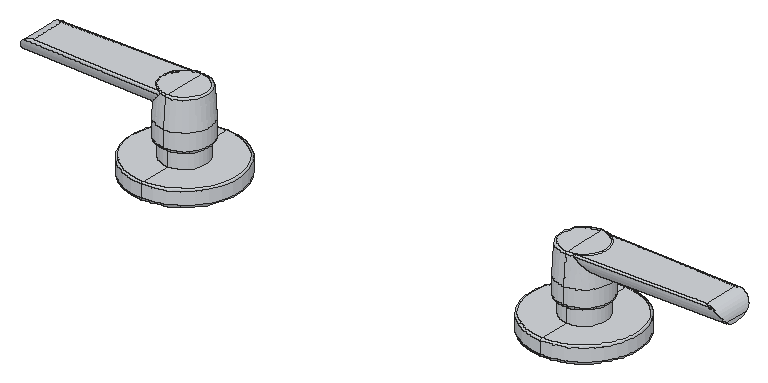
Revit family "Shower-Wall_Mount_Handle-KOHLER-Avid-K-T97050BR", category Specialty Equipment, host Face, Revit 2017
Family settings
  Host = Face
  Round Connector Dimension = Use Diameter
  Part Type = Normal
  OmniClass Number = 23.31.25.00
  OmniClass Title = Toilet and Bath Specialties
  Cut with Voids When Loaded = No
  Shared = No
  Room Calculation Point = No
Parameters (values of type "CP-Polished Chrome")
  Width [instance] = 7.87402"
  WaterSense Certified = 1 = 0  # no
  URL = "https://br.kohler.com/"
  Type = 1
  Product Page URL = ""
  Product Name = "Avid"  # constant formula
  Product Documentation Link = ""
  Model = "K-T97050BR-4-CP"  # constant formula
  Material = "Premium Metal Construction"  # constant formula
  Master Format 2014 Name = "Residential Faucets, Supplies, and Trim"  # constant formula
  Master Format 2014 = "22 41 39"  # constant formula
  Manufacturer Address = "Rio de Janeiro MULTIREPAROS RUA BATISTA DA COSTA, Nº 352 | STORE B Rio de Janeiro SÃO GONÇALO 24450-470"  # constant formula
  Manufacturer = "KOHLER Co."  # constant formula
  Length = 1 147/256"  # constant formula
  Height = 2 1/8"  # constant formula
  Handle Clearance = 2 127/128"  # constant formula
  Finish = Kohler-Metal-CP-Polished_Chrome
  Faucet Hole Spacing [instance] = Width  # 7.87402"
  Environmental Product Declaration = ""
  Description = "Two-handle shower trim"  # constant formula
  Default Elevation = 42"
  Declare Label = ""
  Date Modified = "05/20/2021"  # constant formula
  Date Created = "05/20/2021"  # constant formula
  Copyright = "Copyright KOHLER Co."  # constant formula
  Contact Us = "https://br.kohler.com/asr-listing"
  Assembly Code = "D2010"
  ADA Compliant = 1 = 0  # no
Reference planes (in)
  plane 1 "Center (Front/Back)": y = 0
  plane 2: z = 0
  plane 3 "Center (Left/Right)": x = 0
  plane 4: x = -3.93701
  plane 5: x = 3.93701
  plane 6: x = -6.9292
  plane 7: x = -2.87402
  plane 8: y = 1.06299
  plane 9: x = -5
  plane 10: x = 6.9292
  plane 11: x = 2.87402
  plane 12: x = 5
  plane 13: y = -1.06201
  plane 14: z = 1.57422
Dimensions and locks (in)
  "Width": plane 4 to plane 5
  equal spacing: plane 4, plane 3 "Center (Left/Right)", plane 5
  "Height": plane 13 to plane 8
  locked: plane 7 to plane 9 at 2.12598
  equal spacing: plane 7, plane 4, plane 9
  locked: plane 12 to plane 11 at 2.12598
  equal spacing: plane 12, plane 5, plane 11
  "Handle Clearance": plane 4 to plane 6
  "Handle Clearance": plane 10 to plane 5
  "Length": level to plane 14
  aligned and locked: plane 2 to host face
  aligned and locked: level to host face
  aligned and locked: nested 2 to plane 5
  aligned and locked: nested 1 to plane 4
Automatic sketch dimensions
  host sketch curve to host sketch curve = 96"  (x2)
Nested families (in)
  nested 1: "K-T97050BR" at (-3.93701, 0, 0) x (-1, 0, 0) z (0, 0, 1), type "K-T97050BR"
  nested 2: "K-T97050BR" at (3.93701, 0, 0), type "K-T97050BR"
Definition of nested family "K-T97050BR"
  Parameters (values of type "K-T97050BR")
    Material = none
  Reference planes (in)
    plane 1 "Center (Front/Back)": y = 0
    plane 2: z = 0
    plane 3 "Center (Left/Right)": x = 0
    plane 4: y = 1.06299
    plane 5: y = -1.06299
    plane 6: x = -1.06299
    plane 7: x = 1.06299
    plane 8: x = 2.99213
    plane 9: z = 1.5748
  Forms (in)
    Revolve 1, solid, material <- "Material", detail levels medium+fine
      sketch origin (0, 0, 0) x (0, 1, 0) y (0, 0, 1)
        loop
          line (0, 1.57788) -> (0, 0) -> (1.0315, 0)
          arc (1.0315, 0) -> (1.05377, 0.00922) -> (1.06299, 0.0315) r 0.0315
          line (1.06299, 0.0315) -> (1.06299, 0.28346)
          arc (1.06299, 0.28346) -> (1.05377, 0.30574) -> (1.0315, 0.31496) r 0.0315
          line (1.0315, 0.31496) -> (0.42316, 0.31496) -> (0.42316, 0.63807) -> (0.46968, 0.63807)
          arc (0.46968, 0.63807) -> (0.49117, 0.64698) -> (0.50007, 0.66847) r 0.0304
          line (0.50007, 0.66847) -> (0.50007, 0.9945)
          arc (0.50007, 0.9945) -> (0.49011, 1.27275) -> (0.46026, 1.54958) r 3.88958
          arc (0.46026, 1.54958) -> (0.4492, 1.56982) -> (0.42759, 1.57788) r 0.03301
          line (0.42759, 1.57788) -> (0, 1.57788)
        axis (0, 0) -> (0, 1.57788)
      angle from 0 to 360
    Revolve 2, solid, material <- "Material", detail levels coarse
      sketch origin (0, 0, 0) x (0, 1, 0) y (0, 0, 1)
        loop
          line (0, 1.5748) -> (0, 0) -> (1.06299, 0) -> (1.06299, 0.31496) -> (0.42125, 0.31496) -> (0.42125, 0.62967) -> (0.50813, 0.62967) -> (0.50813, 1.5748) -> (0, 1.5748)
        axis (0, 0) -> (0, 1.5748)
      angle from 0 to 360
    Blend 3, solid, material <- "Material", detail levels medium+fine
      base sketch origin (0, 0, -0.24118) x (0, 1, 0) y (0, 0, 1)
        loop
          arc (-0.34965, 1.8157) -> (-0.37341, 1.80499) -> (-0.38111, 1.7801) r 0.0317
          arc (-0.38111, 1.7801) -> (-0.31125, 1.60165) -> (-0.16438, 1.47853) r 0.38736
          arc (-0.16438, 1.47853) -> (0, 1.4411) -> (0.16438, 1.47853) r 0.37972
          arc (0.16438, 1.47853) -> (0.31125, 1.60165) -> (0.38111, 1.7801) r 0.38736
          arc (0.38111, 1.7801) -> (0.37341, 1.80499) -> (0.34965, 1.8157) r 0.0317
          line (0.34965, 1.8157) -> (-0.34965, 1.8157)
      top sketch origin (0, 0, -0.24118) x (0, 1, 0) y (0, 0, 1)
        loop
          arc (-0.40851, 1.8157) -> (-0.43222, 1.80494) -> (-0.43973, 1.78) r 0.0315
          arc (-0.43973, 1.78) -> (-0.35109, 1.57286) -> (-0.16849, 1.44087) r 0.42188
          arc (-0.16849, 1.44087) -> (0, 1.4106) -> (0.16849, 1.44087) r 0.48402
          arc (0.16849, 1.44087) -> (0.35109, 1.57286) -> (0.43973, 1.78) r 0.42188
          arc (0.43973, 1.78) -> (0.43222, 1.80494) -> (0.40851, 1.8157) r 0.0315
          line (0.40851, 1.8157) -> (-0.40851, 1.8157)
      from 2.99213 to 0.06197
    Extrusion 4, void
      sketch origin (0, 0, 0) x (1, 0, 0) y (0, 0, 1)
        loop
          line (2.99213, 1.19991) -> (3.21524, 1.19991) -> (3.21524, 1.80726) -> (2.45079, 1.80726) -> (2.45079, 1.5748) -> (2.69685, 1.5748)
          arc (2.69685, 1.5748) -> (2.90564, 1.48832) -> (2.99213, 1.27953) r 0.29528
          line (2.99213, 1.27953) -> (2.99213, 1.19991)
      from -0.41175 to 0.43665
    Extrusion 5, solid, material <- "Material", detail levels coarse
      sketch origin (0, 0, 0) x (0, 1, 0) y (0, 0, 1)
        loop
          arc (-0.50813, 1.5748) -> (-0.38019, 1.35106) -> (-0.16793, 1.20487) r 0.57984
          spline (-0.16793, 1.20487) -> (-0.14182, 1.19548) -> (-0.11469, 1.18771) -> (-0.08675, 1.18161) -> (-0.05818, 1.17721) -> (-0.02919, 1.17457) -> (0, 1.17368) -> (0.0292, 1.17457) -> (0.05818, 1.17721) -> (0.08675, 1.18161) -> (0.1147, 1.18771) -> (0.14182, 1.19548) -> (0.16793, 1.20487)
          arc (0.16793, 1.20487) -> (0.38019, 1.35106) -> (0.50813, 1.5748) r 0.57984
          line (0.50813, 1.5748) -> (-0.50813, 1.5748)
      from 0 to 2.99213
  Cuts and joins
    Extrusion 4 cuts Revolve 1
    Extrusion 4 cuts Blend 3
    joined: Revolve 1, Blend 3
    joined: Revolve 2, Extrusion 5
  Lines and regions (in)
    Masking region 1
      outline origin (0, 0, 0) x (1, 0, 0) y (0, 1, 0)
        loop
          arc (0.97367, 0.42652) -> (-1.06299, 0) -> (0.97367, -0.42652) r 1.06299
          line (0.97367, -0.42652) -> (2.69262, -0.38159)
          arc (2.69262, -0.38159) -> (2.77437, -0.37717) -> (2.85574, -0.36818) r 1.46502
          arc (2.85574, -0.36818) -> (2.94888, -0.32045) -> (2.99213, -0.22515) r 0.15888
          line (2.99213, -0.22515) -> (2.99213, 0.22515)
          arc (2.99213, 0.22515) -> (2.94888, 0.32045) -> (2.85574, 0.36818) r 0.15888
          arc (2.85574, 0.36818) -> (2.77437, 0.37717) -> (2.69262, 0.38159) r 1.46502
          line (2.69262, 0.38159) -> (0.97367, 0.42652)
    Masking region 2
      outline origin (0, 0, 0) x (0, 1, 0) y (0, 0, 1)
        loop
          arc (1.0315, 0) -> (1.05377, 0.00922) -> (1.06299, 0.0315) r 0.0315
          line (1.06299, 0.0315) -> (1.06299, 0.28346)
          arc (1.06299, 0.28346) -> (1.05377, 0.30574) -> (1.0315, 0.31496) r 0.0315
          line (1.0315, 0.31496) -> (0.42316, 0.31496) -> (0.42316, 0.63807) -> (0.46968, 0.63807)
          arc (0.46968, 0.63807) -> (0.49117, 0.64698) -> (0.50007, 0.66847) r 0.0304
          line (0.50007, 0.66847) -> (0.50007, 0.99142)
          arc (0.50007, 0.99142) -> (0.49011, 1.26968) -> (0.46026, 1.54651) r 3.88958
          arc (0.46026, 1.54651) -> (0.4492, 1.56675) -> (0.42759, 1.5748) r 0.03301
          line (0.42759, 1.5748) -> (-0.42759, 1.5748)
          arc (-0.42759, 1.5748) -> (-0.4492, 1.56675) -> (-0.46026, 1.54651) r 0.03301
          arc (-0.46026, 1.54651) -> (-0.49011, 1.26968) -> (-0.50007, 0.99142) r 3.88958
          line (-0.50007, 0.99142) -> (-0.50007, 0.66847)
          arc (-0.50007, 0.66847) -> (-0.49117, 0.64698) -> (-0.46968, 0.63807) r 0.0304
          line (-0.46968, 0.63807) -> (-0.42316, 0.63807) -> (-0.42316, 0.31496) -> (-1.0315, 0.31496)
          arc (-1.0315, 0.31496) -> (-1.05377, 0.30574) -> (-1.06299, 0.28346) r 0.0315
          line (-1.06299, 0.28346) -> (-1.06299, 0.0315)
          arc (-1.06299, 0.0315) -> (-1.05377, 0.00922) -> (-1.0315, 0) r 0.0315
          line (-1.0315, 0) -> (1.0315, 0)
    Masking region 3
      outline origin (0, 0, 0) x (1, 0, 0) y (0, 0, 1)
        loop
          line (-1.0315, 0) -> (1.0315, 0)
          arc (1.0315, 0) -> (1.05377, 0.00922) -> (1.06299, 0.0315) r 0.0315
          line (1.06299, 0.0315) -> (1.06299, 0.28346)
          arc (1.06299, 0.28346) -> (1.05377, 0.30574) -> (1.0315, 0.31496) r 0.0315
          line (1.0315, 0.31496) -> (0.42316, 0.31496) -> (0.42316, 0.63807) -> (0.46968, 0.63807)
          arc (0.46968, 0.63807) -> (0.49117, 0.64698) -> (0.50007, 0.66847) r 0.0304
          line (0.50007, 0.66847) -> (0.50007, 0.97719)
          arc (0.50007, 0.97719) -> (0.55695, 1.1156) -> (0.69471, 1.17403) r 0.19685
          line (0.69471, 1.17403) -> (2.9532, 1.19948)
          arc (2.9532, 1.19948) -> (2.98075, 1.21116) -> (2.99213, 1.23884) r 0.03937
          line (2.99213, 1.23884) -> (2.99213, 1.27953)
          arc (2.99213, 1.27953) -> (2.90564, 1.48832) -> (2.69685, 1.5748) r 0.29528
          line (2.69685, 1.5748) -> (-0.42759, 1.5748)
          arc (-0.42759, 1.5748) -> (-0.4492, 1.56675) -> (-0.46026, 1.54651) r 0.03301
          arc (-0.46026, 1.54651) -> (-0.49011, 1.26968) -> (-0.50007, 0.99142) r 3.88958
          line (-0.50007, 0.99142) -> (-0.50007, 0.66847)
          arc (-0.50007, 0.66847) -> (-0.49117, 0.64698) -> (-0.46968, 0.63807) r 0.0304
          line (-0.46968, 0.63807) -> (-0.42316, 0.63807) -> (-0.42316, 0.31496) -> (-1.0315, 0.31496)
          arc (-1.0315, 0.31496) -> (-1.05377, 0.30574) -> (-1.06299, 0.28346) r 0.0315
          line (-1.06299, 0.28346) -> (-1.06299, 0.0315)
          arc (-1.06299, 0.0315) -> (-1.05377, 0.00922) -> (-1.0315, 0) r 0.0315
    symbolic lines, detail levels medium+fine
      curve 1: line (0, 0.42125, 0.31496) -> (0, -0.42316, 0.31496)
      curve 2: line (-0.42316, 0, 0.31496) -> (0.42316, 0, 0.31496)
      curve 3: line (0.97367, 0.42652, 0) -> (0.05548, 0.45053, 0)
      curve 4: line (0.05548, -0.45053, 0) -> (0.97367, -0.42652, 0)
      curve 5: arc (0.05548, 0.45053, 0) -> (-0.40698, 0, 0) -> (0.05548, -0.45053, 0) r 0.45068
      curve 6: arc (0.23491, 0.44584, 0) -> (-0.50394, 0, 0) -> (0.23491, -0.44584, 0) r 0.50394
      curve 7: line (2.69262, 0.38159, 0) -> (2.69262, -0.38159, 0)
      curve 8: line (0, 0.42316, 0.63807) -> (0, -0.42316, 0.63807)
      curve 9: spline (0, 0.20877, 1.22396) -> (0, 0.17925, 1.20958) -> (0, 0.14781, 1.19746) -> (0, 0.11479, 1.18773) -> (0, 0.08054, 1.1805) -> (0, 0.04543, 1.17583) -> (0, 0.00984, 1.17378) -> (0, -0.02586, 1.17438) -> (0, -0.06129, 1.17761) -> (0, -0.09606, 1.18343) -> (0, -0.1298, 1.1918) -> (0, -0.16215, 1.20262) -> (0, -0.19277, 1.21577)
      curve 10: spline (0, -0.19277, 1.21577) -> (0, -0.22846, 1.23608) -> (0, -0.2619, 1.25831) -> (0, -0.29289, 1.28232) -> (0, -0.32125, 1.30798) -> (0, -0.34681, 1.33514) -> (0, -0.36941, 1.36363) -> (0, -0.38894, 1.39329) -> (0, -0.40526, 1.42394) -> (0, -0.4183, 1.45541) -> (0, -0.42796, 1.4875) -> (0, -0.43419, 1.52004) -> (0, -0.43697, 1.55283)
      curve 11: spline (0, -0.43697, 1.55283) -> (0, -0.43591, 1.55569) -> (0, -0.4347, 1.55843) -> (0, -0.43333, 1.56101) -> (0, -0.43182, 1.56343) -> (0, -0.43018, 1.56565) -> (0, -0.42842, 1.56767) -> (0, -0.42655, 1.56948) -> (0, -0.42459, 1.57105) -> (0, -0.42256, 1.57237) -> (0, -0.42045, 1.57345) -> (0, -0.4183, 1.57426) -> (0, -0.41612, 1.5748)
      curve 12: spline (0, -0.38447, 1.53939) -> (0, -0.3848, 1.54376) -> (0, -0.38461, 1.5479) -> (0, -0.38392, 1.5518) -> (0, -0.38273, 1.55545) -> (0, -0.38103, 1.55884) -> (0, -0.37883, 1.56197) -> (0, -0.37615, 1.56482) -> (0, -0.37297, 1.56738) -> (0, -0.36932, 1.56966) -> (0, -0.3652, 1.57164) -> (0, -0.36062, 1.57333) -> (0, -0.3556, 1.57471)
      curve 13: line (0, -0.23292, 1.27953) -> (0, -0.38447, 1.53939)
      curve 14: arc (0, -0.16438, 1.23734) -> (0, -0.08429, 1.20939) -> (0, 0, 1.19991) r 0.37972
      curve 15: arc (0, -0.23292, 1.27953) -> (0, -0.19975, 1.25665) -> (0, -0.16438, 1.23734) r 0.38736
      curve 16: spline (0, 0.19276, 1.21577) -> (0, 0.22846, 1.23608) -> (0, 0.2619, 1.2583) -> (0, 0.29289, 1.28232) -> (0, 0.32125, 1.30798) -> (0, 0.3468, 1.33513) -> (0, 0.36941, 1.36362) -> (0, 0.38894, 1.39328) -> (0, 0.40526, 1.42394) -> (0, 0.41829, 1.4554) -> (0, 0.42796, 1.4875) -> (0, 0.43419, 1.52004) -> (0, 0.43697, 1.55283)
      curve 17: spline (0, 0.43697, 1.55283) -> (0, 0.43591, 1.55569) -> (0, 0.4347, 1.55843) -> (0, 0.43333, 1.56101) -> (0, 0.43182, 1.56343) -> (0, 0.43018, 1.56565) -> (0, 0.42842, 1.56767) -> (0, 0.42655, 1.56948) -> (0, 0.42459, 1.57105) -> (0, 0.42256, 1.57237) -> (0, 0.42045, 1.57345) -> (0, 0.4183, 1.57426) -> (0, 0.41612, 1.5748)
      curve 18: spline (0, 0.38447, 1.53939) -> (0, 0.3848, 1.54376) -> (0, 0.38461, 1.5479) -> (0, 0.38392, 1.5518) -> (0, 0.38273, 1.55545) -> (0, 0.38103, 1.55884) -> (0, 0.37883, 1.56197) -> (0, 0.37615, 1.56482) -> (0, 0.37297, 1.56738) -> (0, 0.36932, 1.56966) -> (0, 0.3652, 1.57164) -> (0, 0.36062, 1.57333) -> (0, 0.3556, 1.57471)
      curve 19: line (0, 0.23292, 1.27953) -> (0, 0.38447, 1.53939)
      curve 20: arc (0, 0.16438, 1.23734) -> (0, 0.08429, 1.20939) -> (0, 0, 1.19991) r 0.37972
      curve 21: arc (0, 0.23292, 1.27953) -> (0, 0.19975, 1.25665) -> (0, 0.16438, 1.23734) r 0.38736
      curve 22: line (-0.42316, 0, 0.63807) -> (0.42316, 0, 0.63807)
      curve 23: line (-0.50007, 0, 0.66847) -> (0.50007, 0, 0.66847)
      curve 24: line (0, -0.50007, 0.66847) -> (0, 0.50007, 0.66847)
  Dimensions and locks (in)
    plane 4 to plane 5 = 2.12598"
    plane 6 to plane 7 = 2.12598"
    plane 9 to level = 1.5748"
    plane 3 "Center (Left/Right)" to plane 8 = 2.99213"
    aligned and locked: level to plane 2
